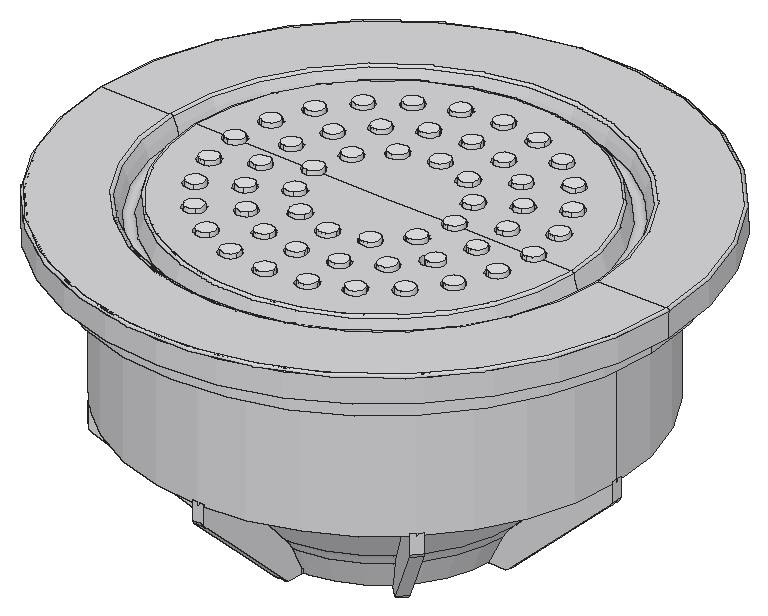
Revit family "Shower-Bodyspray-KOHLER-WaterTile-K-8014IN", category Plumbing Fixtures, host Face, Revit 2017
Family settings
  Host = Face
  Round Connector Dimension = Use Diameter
  Part Type = Normal
  OmniClass Number = 23.31.17.00
  OmniClass Title = Showers
  Cut with Voids When Loaded = No
  Shared = No
  Room Calculation Point = No
Parameters (values of type "CP-Polished Chrome")
  Width = 4 7/8"  # constant formula
  WaterSense Certified = 1 = 0  # no
  Waste Water Outlet = "Waste Water Outlet"  # constant formula
  Waste Connection = 1 = 0  # no
  Vent Connection = 1 = 0  # no
  URL = "https://www.kohler.co.in/"
  Type = 1
  Temperd Water Inlet = "Temperd Water Inlet"  # constant formula
  Product Page URL = "https://www.kohler.co.in/product-detail/8014in?skuid=K-8014IN-CP"
  Product Name = "Water Tile"  # constant formula
  Product Documentation Link = "http://resources.kohler.com/plumbing/kohlerindia/pdf/8014-8013.pdf"
  Pressure = 80.00 psi  # constant formula
  Panel Thickness = 1/4"  # constant formula
  Model = if(Type = 1, "K-8014IN-CP", if(Type = 2, "K-8014IN-AF", "NA"))  # "K-8014IN-CP"
  Material = "Premium Metal Construction"  # constant formula
  Master Format 2014 Name = "Residential Showers"  # constant formula
  Master Format 2014 = "22 42 23"  # constant formula
  Manufacturer Address = "Ambience Office Tower NH-8 Gurgaon / Gurugram Haryana , 122001"  # constant formula
  Manufacturer = "KOHLER Co."  # constant formula
  Length = 2 1/2"  # constant formula
  Hot Water Inlet = "Hot Water Inlet"  # constant formula
  Height = 4 7/8"  # constant formula
  HW Connection = 1 = 1  # yes
  Flow Rate = 2 GPM  # constant formula
  Finish = Kohler-Metal-CP-Polished_Chrome
  Environmental Product Declaration = ""
  Drain Included = 1 = 0  # no
  Description = "Round 54-nozzle bodyspray with soothing spray"  # constant formula
  Default Elevation = 42"
  Declare Label = ""
  Date Modified = "09/17/2020"  # constant formula
  Date Created = "09/17/2020"  # constant formula
  Copyright = "Copyright KOHLER Co."  # constant formula
  Contact Us = "https://www.kohler.co.in/contact-us"
  Cold Water Inlet = "Cold Water Inlet"  # constant formula
  CW Connection = 1 = 0  # no
  Assembly Code = "D2010700"
  ADA Compliant = 1 = 0  # no
Reference planes (in)
  plane 1 "Center (Front/Back)": y = 0
  plane 2: z = 0
  plane 3 "Center (Left/Right)": x = 0
  plane 4: z = 0.25
  plane 5: y = 2.45206
  plane 6: x = 2.45206
  plane 7: x = -2.42294
  plane 8: y = -2.42294
  plane 9: z = 0
  plane 10: y = 2.00343
  plane 11: y = -2.00343
  plane 12: x = -2.00343
  plane 13: x = 2.00343
  plane 14: z = -2.25
Forms (in)
  Extrusion 1, void
    sketch origin (0, 0, 0) x (1, 0, 0) y (0, 1, 0)
      loop
        circle (0, 0) r 2.30088
    from 0 to -2.25
Dimensions and locks (in)
  "Height": plane 8 to plane 5
  "Width": plane 7 to plane 6
  "Panel Thickness": plane 4 to plane 9
  plane 10 to plane 11 = 4.00686"
  "Length": plane 4 to plane 14
  aligned and locked: plane 2 to host face
  aligned and locked: level to host face
Automatic sketch dimensions
  host sketch curve to host sketch curve = 96"  (x2)
  plane 1 "Center (Front/Back)" to Extrusion 1 sketch curve = 0"
  Extrusion 1 sketch curve to plane 3 "Center (Left/Right)" = 0"
  radius of Extrusion 1 sketch curve = 2.30088"
Nested families (in)
  nested 1: "K-8014IN" at (0, 0, -2.25), type "K-8014IN"
Connectors (in)
  piping at (0, 0, -2.085), diameter 0.5, driven by "Flow Rate", driven by "Pressure", driven by "HW Connection", driven by "Temperd Water Inlet"
    settings: on nested 1, index 1, connector inside diameter 24", connector length 0", flow factor 0, pipe flow 2 GPM, pressure drop 80.00 psi, fitting loss kfactor 0, connector angle 0.00°, fixture units 0, engagement length 0", angle of deflection 0.00°, flow configuration 0, flow direction 1, fitting loss method 4, system type 19, joint type 0, gender type 0, connector reference index -1, connector utility 1, adjustable connector no, is connector primary yes, connector description "Temperd Water Inlet"
Definition of nested family "K-8014IN"
  Parameters (values of type "K-8014IN")
    Material = none
  Reference planes (in)
    plane 1 "Center (Front/Back)": y = 0
    plane 2: z = 0
    plane 3 "Center (Left/Right)": x = 0
    plane 4: z = 2.5
    plane 5: z = 2.25
    plane 6: y = 2.45206
    plane 7: x = -2.45206
    plane 8: x = 2.45206
    plane 9: y = -2.45206
    plane 10: y = 2.00343
    plane 11: y = -2.00343
  Forms (in)
    Revolve 1, solid, material <- "Material", detail levels medium+fine
      sketch origin (0, 0, 0) x (1, 0, 0) y (0, 0, 1)
        loop
          line (0, 0.165) -> (0.69136, 0.165) -> (0.66227, 0) -> (0.93754, 0) -> (1.05898, 0.23835)
          arc (1.05898, 0.23835) -> (1.09475, 0.29489) -> (1.14032, 0.34387) r 0.3612
          arc (1.14032, 0.34387) -> (1.40167, 0.62537) -> (1.60585, 0.95073) r 2.04792
          arc (1.60585, 0.95073) -> (1.62144, 0.96772) -> (1.64363, 0.974) r 0.04229
          line (1.64363, 0.974) -> (2.004, 0.974) -> (2.004, 2.075) -> (2.30088, 2.075) -> (2.30088, 2.25) -> (2.45206, 2.25) -> (2.45206, 2.44872)
          arc (2.45206, 2.44872) -> (2.44608, 2.46315) -> (2.43166, 2.46912) r 0.0204
          line (2.43166, 2.46912) -> (1.84753, 2.46912)
          arc (1.84753, 2.46912) -> (1.83141, 2.46446) -> (1.82027, 2.4519) r 0.03018
          arc (1.82027, 2.4519) -> (1.79187, 2.38301) -> (1.77087, 2.31151) r 0.70694
          arc (1.77087, 2.31151) -> (1.72751, 2.27513) -> (1.68021, 2.30623) r 0.0474
          arc (1.68021, 2.30623) -> (1.65612, 2.37809) -> (1.63572, 2.45108) r 1.48511
          arc (1.63572, 2.45108) -> (1.62724, 2.46408) -> (1.61256, 2.46912) r 0.02388
          line (1.61256, 2.46912) -> (0, 2.46912) -> (0, 0.165)
        axis (0, 2.46912) -> (0, 0)
      angle from 0 to 360
    Extrusion 2, solid, material <- "Material", detail levels medium+fine
      sketch origin (0, 0, 0) x (1, 0, 0) y (0, 1, 0)
        loop
          line (-0.94783, 0.0478) -> (-2.00343, 0.0478) -> (-2.00343, -0.0478) -> (-0.94783, -0.0478)
          arc (-0.94783, -0.0478) -> (-0.90003, 0) -> (-0.94783, 0.0478) r 0.0478
        loop
          line (-0.70402, -0.63642) -> (-1.45044, -1.38284) -> (-1.38284, -1.45044) -> (-0.63642, -0.70402)
          arc (-0.63642, -0.70402) -> (-0.63642, -0.63642) -> (-0.70402, -0.63642) r 0.0478
        loop
          line (-0.0478, -0.94783) -> (-0.0478, -2.00343) -> (0.0478, -2.00343) -> (0.0478, -0.94783)
          arc (0.0478, -0.94783) -> (0, -0.90003) -> (-0.0478, -0.94783) r 0.0478
        loop
          arc (-0.70402, 0.63642) -> (-0.63642, 0.63642) -> (-0.63642, 0.70402) r 0.0478
          line (-0.63642, 0.70402) -> (-1.38284, 1.45044) -> (-1.45044, 1.38284) -> (-0.70402, 0.63642)
        loop
          arc (-0.0478, 0.94783) -> (0, 0.90003) -> (0.0478, 0.94783) r 0.0478
          line (0.0478, 0.94783) -> (0.0478, 2.00343) -> (-0.0478, 2.00343) -> (-0.0478, 0.94783)
        loop
          arc (0.94783, 0.0478) -> (0.90003, 0) -> (0.94783, -0.0478) r 0.0478
          line (0.94783, -0.0478) -> (2.00343, -0.0478) -> (2.00343, 0.0478) -> (0.94783, 0.0478)
        loop
          arc (0.70402, -0.63642) -> (0.63642, -0.63642) -> (0.63642, -0.70402) r 0.0478
          line (0.63642, -0.70402) -> (1.38284, -1.45044) -> (1.45044, -1.38284) -> (0.70402, -0.63642)
        loop
          line (0.70402, 0.63642) -> (1.45044, 1.38284) -> (1.38284, 1.45044) -> (0.63642, 0.70402)
          arc (0.63642, 0.70402) -> (0.63642, 0.63642) -> (0.70402, 0.63642) r 0.0478
      from 0 to 0.99478
    Extrusion 3, void
      sketch origin (0, 0, 0) x (1, 0, 0) y (0, 1, 0)
        loop
          circle (0, 1.28624) r 0.08955
        loop
          circle (-0.3329, 1.24241) r 0.08955
        loop
          circle (-0.64312, 1.11392) r 0.08955
        loop
          circle (-0.90951, 0.90951) r 0.08955
        loop
          circle (-1.11392, 0.64312) r 0.08955
        loop
          circle (-1.24241, 0.3329) r 0.08955
        loop
          circle (-1.28624, 0) r 0.08955
        loop
          circle (0.3329, 1.24241) r 0.08955
        loop
          circle (0.64312, 1.11392) r 0.08955
        loop
          circle (0.90951, 0.90951) r 0.08955
        loop
          circle (1.11392, 0.64312) r 0.08955
        loop
          circle (1.24241, 0.3329) r 0.08955
        loop
          circle (0, -1.28624) r 0.08955
        loop
          circle (-0.3329, -1.24241) r 0.08955
        loop
          circle (-0.64312, -1.11392) r 0.08955
        loop
          circle (-0.90951, -0.90951) r 0.08955
        loop
          circle (-1.11392, -0.64312) r 0.08955
        loop
          circle (-1.24241, -0.3329) r 0.08955
        loop
          circle (0.3329, -1.24241) r 0.08955
        loop
          circle (0.64312, -1.11392) r 0.08955
        loop
          circle (0.90951, -0.90951) r 0.08955
        loop
          circle (1.11392, -0.64312) r 0.08955
        loop
          circle (1.24241, -0.3329) r 0.08955
        loop
          circle (1.28624, 0) r 0.08955
        loop
          circle (0, 0.94582) r 0.08806
        loop
          circle (0.32349, 0.88878) r 0.08806
        loop
          circle (0.60796, 0.72454) r 0.08806
        loop
          circle (0.93145, 0.16424) r 0.08806
        loop
          circle (0.93145, -0.16424) r 0.08806
        loop
          circle (0.32349, -0.88878) r 0.08806
        loop
          circle (0.60796, -0.72454) r 0.08806
        loop
          circle (0.79576, -0.47917) r 0.08806
        loop
          circle (-0.32349, 0.88878) r 0.08806
        loop
          circle (-0.60796, 0.72454) r 0.08806
        loop
          circle (-0.93145, 0.16424) r 0.08806
        loop
          circle (-0.93145, -0.16424) r 0.08806
        loop
          circle (-0.32349, -0.88878) r 0.08806
        loop
          circle (-0.60796, -0.72454) r 0.08806
        loop
          circle (0.81911, 0.47291) r 0.08806
        loop
          circle (-0.81911, 0.47291) r 0.08806
        loop
          circle (0, -0.60707) r 0.08912
        loop
          circle (0.30353, -0.52574) r 0.08912
        loop
          circle (0.52574, -0.30353) r 0.08912
        loop
          circle (0.60707, 0) r 0.08912
        loop
          circle (0.30353, 0.52574) r 0.08912
        loop
          circle (0.52574, 0.30353) r 0.08912
        loop
          circle (-0.30353, -0.52574) r 0.08912
        loop
          circle (-0.52574, -0.30353) r 0.08912
        loop
          circle (-0.60707, 0) r 0.08912
        loop
          circle (-0.30353, 0.52574) r 0.08912
        loop
          circle (-0.52574, 0.30353) r 0.08912
        loop
          circle (0, 0.60707) r 0.08912
        loop
          circle (0, -0.94582) r 0.08806
        loop
          circle (-0.81911, -0.47291) r 0.08806
      from 1.64809 to 2.5
    Revolve 4, void
      sketch origin (0, 0, 0) x (1, 0, 0) y (0, 0, 1)
        loop
          arc (1.13146, 0.02793) -> (1.0837, -0.00168) -> (1.02847, -0.01202) r 0.15273
          line (1.02847, -0.01202) -> (0.75991, -0.01202) -> (0.75991, -0.19203) -> (2.17326, -0.19203) -> (2.17326, 1.05797) -> (2.01658, 1.05797) -> (2.01658, 0.88569)
          arc (2.01658, 0.88569) -> (2.00703, 0.84038) -> (1.98001, 0.80278) r 0.11228
          line (1.98001, 0.80278) -> (1.13146, 0.02793)
        axis (0, 1.05797) -> (0, -0.19203)
      angle from 0 to 360
    Extrusion 5, solid, detail levels medium+fine
      sketch origin (0, 0, 0) x (1, 0, 0) y (0, 1, 0)
        loop
          circle (0, 1.28624) r 0.07432
        loop
          circle (0.3329, 1.24241) r 0.07432
        loop
          circle (0.64312, 1.11392) r 0.07432
        loop
          circle (0.90951, 0.90951) r 0.07432
        loop
          circle (1.11392, 0.64312) r 0.07432
        loop
          circle (1.24241, 0.3329) r 0.07432
        loop
          circle (1.28624, 0) r 0.07432
        loop
          circle (0.3329, -1.24241) r 0.07432
        loop
          circle (0.64312, -1.11392) r 0.07432
        loop
          circle (0.90951, -0.90951) r 0.07432
        loop
          circle (1.11392, -0.64312) r 0.07432
        loop
          circle (1.24241, -0.3329) r 0.07432
        loop
          circle (-0.3329, 1.24241) r 0.07432
        loop
          circle (-0.64312, 1.11392) r 0.07432
        loop
          circle (-0.90951, 0.90951) r 0.07432
        loop
          circle (-1.11392, 0.64312) r 0.07432
        loop
          circle (-1.24241, 0.3329) r 0.07432
        loop
          circle (-1.28624, 0) r 0.07432
        loop
          circle (-0.3329, -1.24241) r 0.07432
        loop
          circle (-0.64312, -1.11392) r 0.07432
        loop
          circle (-0.90951, -0.90951) r 0.07432
        loop
          circle (-1.11392, -0.64312) r 0.07432
        loop
          circle (-1.24241, -0.3329) r 0.07432
        loop
          circle (0, -1.28624) r 0.07432
        loop
          circle (0, 0.94582) r 0.07245
        loop
          circle (0.32349, 0.88878) r 0.07245
        loop
          circle (0.60796, 0.72454) r 0.07245
        loop
          circle (0.81911, 0.47291) r 0.07245
        loop
          circle (0.93145, 0.16424) r 0.07245
        loop
          circle (0, -0.94582) r 0.07245
        loop
          circle (0.32349, -0.88878) r 0.07245
        loop
          circle (0.60796, -0.72454) r 0.07245
        loop
          circle (0.81911, -0.47291) r 0.07245
        loop
          circle (0.93145, -0.16424) r 0.07245
        loop
          circle (-0.32349, 0.88878) r 0.07245
        loop
          circle (-0.60796, 0.72454) r 0.07245
        loop
          circle (-0.81911, 0.47291) r 0.07245
        loop
          circle (-0.32349, -0.88878) r 0.07245
        loop
          circle (-0.60796, -0.72454) r 0.07245
        loop
          circle (-0.81911, -0.47291) r 0.07245
        loop
          circle (-0.93145, 0.16424) r 0.07245
        loop
          circle (-0.93145, -0.16424) r 0.07245
        loop
          circle (0, 0.60707) r 0.07505
        loop
          circle (0.30353, 0.52574) r 0.07505
        loop
          circle (0.52574, 0.30353) r 0.07505
        loop
          circle (0.60707, 0) r 0.07505
        loop
          circle (-0.30353, 0.52574) r 0.07505
        loop
          circle (-0.52574, 0.30353) r 0.07505
        loop
          circle (-0.60707, 0) r 0.07505
        loop
          circle (0, -0.60707) r 0.07505
        loop
          circle (0.30353, -0.52574) r 0.07505
        loop
          circle (0.52574, -0.30353) r 0.07505
        loop
          circle (-0.30353, -0.52574) r 0.07505
        loop
          circle (-0.52574, -0.30353) r 0.07505
      from 1.98892 to 2.5
    Revolve 6, solid, material <- "Material", detail levels coarse
      sketch origin (0, 0, 0) x (1, 0, 0) y (0, 0, 1)
        loop
          line (2.00343, 0.82468) -> (2.00343, 2.08406) -> (2.30088, 2.09787) -> (2.30088, 2.25) -> (2.45206, 2.25) -> (2.45206, 2.5) -> (0, 2.5) -> (0, 0) -> (1.09985, 0) -> (2.00343, 0.82468)
        axis (0, 2.5) -> (0, 0)
      angle from 0 to 360
    Extrusion 7, solid, material <- "Material", detail levels medium+fine
      sketch origin (0, 0, 0) x (1, 0, 0) y (0, 1, 0)
        loop
          circle (0, 0) r 0.10067
      from 0.165 to 0.24125
  Cuts and joins
    Extrusion 3, Revolve 4 cuts Extrusion 2
    Extrusion 3 cuts Revolve 1
  Lines and regions (in)
    Masking region 1
      outline origin (0, 0, 0) x (1, 0, 0) y (0, 1, 0)
        loop
          circle (0, 0) r 2.45206
    Masking region 2
      outline origin (0, 0, 0) x (1, 0, 0) y (0, 0, 1)
        loop
          line (2.00343, 0.84322) -> (2.00343, 2.075) -> (2.30088, 2.075) -> (2.30088, 2.25) -> (2.45206, 2.25) -> (2.45206, 2.44896)
          arc (2.45206, 2.44896) -> (2.44615, 2.46322) -> (2.4319, 2.46912) r 0.02016
          line (2.4319, 2.46912) -> (1.36056, 2.46912) -> (1.36056, 2.5) -> (1.03959, 2.5) -> (1.03959, 2.46912) -> (1.0039, 2.46912) -> (1.0039, 2.5) -> (0.74665, 2.5) -> (0.74665, 2.46912) -> (0.7158, 2.46912) -> (0.7158, 2.5) -> (0.45068, 2.5) -> (0.45068, 2.46912) -> (0.40723, 2.46912) -> (0.40723, 2.5) -> (0.22848, 2.5) -> (0.22848, 2.46912) -> (0.07505, 2.46912) -> (0.07505, 2.5) -> (-0.07432, 2.5) -> (-0.07432, 2.46912) -> (-0.22848, 2.46912) -> (-0.22848, 2.5) -> (-0.40723, 2.5) -> (-0.40723, 2.46912) -> (-0.45068, 2.46912) -> (-0.45068, 2.5) -> (-0.7158, 2.5) -> (-0.7158, 2.46912) -> (-0.74665, 2.46912) -> (-0.74665, 2.5) -> (-1.0039, 2.5) -> (-1.0039, 2.46912) -> (-1.03959, 2.46912) -> (-1.03959, 2.5) -> (-1.36056, 2.5) -> (-1.36056, 2.46912) -> (-2.4319, 2.46912)
          arc (-2.4319, 2.46912) -> (-2.44615, 2.46322) -> (-2.45206, 2.44896) r 0.02016
          line (-2.45206, 2.44896) -> (-2.45206, 2.25) -> (-2.30088, 2.25) -> (-2.30088, 2.075) -> (-2.00343, 2.075) -> (-2.00343, 0.84322)
          arc (-2.00343, 0.84322) -> (-2.00037, 0.82743) -> (-1.99164, 0.81392) r 0.0423
          line (-1.99164, 0.81392) -> (-1.09985, 0) -> (1.0868, 0)
          arc (1.0868, 0) -> (1.10983, 0.01211) -> (1.13047, 0.02795) r 0.15288
          line (1.13047, 0.02795) -> (1.99164, 0.81392)
          arc (1.99164, 0.81392) -> (2.00037, 0.82743) -> (2.00343, 0.84322) r 0.0423
    Masking region 3
      outline origin (0, 0, 0) x (0, 1, 0) y (0, 0, 1)
        loop
          arc (-2.00343, 0.83406) -> (-1.99281, 0.81735) -> (-1.97942, 0.80277) r 0.11228
          line (-1.97942, 0.80277) -> (-1.13047, 0.02795)
          arc (-1.13047, 0.02795) -> (-1.10983, 0.01211) -> (-1.0868, 0) r 0.15288
          line (-1.0868, 0) -> (1.0868, 0)
          arc (1.0868, 0) -> (1.10983, 0.01211) -> (1.13047, 0.02795) r 0.15288
          line (1.13047, 0.02795) -> (1.97942, 0.80277)
          arc (1.97942, 0.80277) -> (1.99281, 0.81735) -> (2.00343, 0.83406) r 0.11228
          line (2.00343, 0.83406) -> (2.00343, 2.075) -> (2.30088, 2.075) -> (2.30088, 2.25) -> (2.4515, 2.25) -> (2.4515, 2.44947)
          arc (2.4515, 2.44947) -> (2.44575, 2.46337) -> (2.43185, 2.46912) r 0.01965
          line (2.43185, 2.46912) -> (1.36056, 2.46912) -> (1.36056, 2.5) -> (-1.36056, 2.5) -> (-1.36056, 2.46912) -> (-2.43185, 2.46912)
          arc (-2.43185, 2.46912) -> (-2.44575, 2.46337) -> (-2.4515, 2.44947) r 0.01965
          line (-2.4515, 2.44947) -> (-2.4515, 2.25) -> (-2.30088, 2.25) -> (-2.30088, 2.075) -> (-2.00343, 2.075) -> (-2.00343, 0.83406)
    symbolic lines, detail levels medium+fine
      curve 1: circle (0, 0, 0) r 2.30088 normal (0, 0, 1)
      curve 2: circle (0, 0, 0) r 2.004 normal (0, 0, 1)
      curve 3: arc (0.40469, 1.22318, 0) -> (0.35214, 1.3142, 0) -> (0.26111, 1.26165, 0) r 0.07432
      curve 4: arc (0.26111, 1.26165, 0) -> (0.31367, 1.17062, 0) -> (0.40469, 1.22318, 0) r 0.07432
      curve 5: arc (0.24641, 1.26559, 0) -> (0.30973, 1.15592, 0) -> (0.4194, 1.21924, 0) r 0.08955
      curve 6: arc (0.4194, 1.21924, 0) -> (0.35608, 1.32891, 0) -> (0.24641, 1.26559, 0) r 0.08955
      curve 7: arc (0.70749, 1.07675, 0) -> (0.68028, 1.17828, 0) -> (0.57875, 1.15108, 0) r 0.07432
      curve 8: arc (0.57875, 1.15108, 0) -> (0.60596, 1.04955, 0) -> (0.70749, 1.07675, 0) r 0.07432
      curve 9: arc (0.56557, 1.15869, 0) -> (0.59835, 1.03637, 0) -> (0.72067, 1.06914, 0) r 0.08955
      curve 10: arc (0.72067, 1.06914, 0) -> (0.68789, 1.19147, 0) -> (0.56557, 1.15869, 0) r 0.08955
      curve 11: arc (0.97283, 0.84619, 0) -> (0.97283, 0.97283, 0) -> (0.84619, 0.97283, 0) r 0.08955
      curve 12: arc (0.84619, 0.97283, 0) -> (0.84619, 0.84619, 0) -> (0.97283, 0.84619, 0) r 0.08955
      curve 13: arc (0.96206, 0.85695, 0) -> (0.96206, 0.96206, 0) -> (0.85695, 0.96206, 0) r 0.07432
      curve 14: arc (0.85695, 0.96206, 0) -> (0.85695, 0.85695, 0) -> (0.96206, 0.85695, 0) r 0.07432
      curve 15: arc (1.15108, 0.57875, 0) -> (1.17828, 0.68028, 0) -> (1.07675, 0.70749, 0) r 0.07432
      curve 16: arc (1.15869, 0.56557, 0) -> (1.19147, 0.68789, 0) -> (1.06914, 0.72067, 0) r 0.08955
      curve 17: arc (1.07675, 0.70749, 0) -> (1.04955, 0.60596, 0) -> (1.15108, 0.57875, 0) r 0.07432
      curve 18: arc (1.06914, 0.72067, 0) -> (1.03637, 0.59835, 0) -> (1.15869, 0.56557, 0) r 0.08955
      curve 19: arc (1.26559, 0.24641, 0) -> (1.32891, 0.35608, 0) -> (1.21924, 0.4194, 0) r 0.08955
      curve 20: arc (1.26165, 0.26111, 0) -> (1.3142, 0.35214, 0) -> (1.22318, 0.40469, 0) r 0.07432
      curve 21: arc (1.22318, 0.40469, 0) -> (1.17062, 0.31367, 0) -> (1.26165, 0.26111, 0) r 0.07432
      curve 22: arc (1.21924, 0.4194, 0) -> (1.15592, 0.30973, 0) -> (1.26559, 0.24641, 0) r 0.08955
      curve 23: arc (0.39157, 0.864, 0) -> (0.34827, 0.95686, 0) -> (0.25541, 0.91356, 0) r 0.07245
      curve 24: arc (0.25541, 0.91356, 0) -> (0.29871, 0.8207, 0) -> (0.39157, 0.864, 0) r 0.07245
      curve 25: arc (0.24075, 0.9189, 0) -> (0.29337, 0.80604, 0) -> (0.40623, 0.85866, 0) r 0.08806
      curve 26: arc (0.40623, 0.85866, 0) -> (0.35361, 0.97153, 0) -> (0.24075, 0.9189, 0) r 0.08806
      curve 27: arc (0.66346, 0.67797, 0) -> (0.65453, 0.78004, 0) -> (0.55246, 0.77111, 0) r 0.07245
      curve 28: arc (0.55246, 0.77111, 0) -> (0.56139, 0.66904, 0) -> (0.66346, 0.67797, 0) r 0.07245
      curve 29: arc (0.67542, 0.66794, 0) -> (0.66456, 0.792, 0) -> (0.54051, 0.78114, 0) r 0.08806
      curve 30: arc (0.54051, 0.78114, 0) -> (0.55136, 0.65709, 0) -> (0.67542, 0.66794, 0) r 0.08806
      curve 31: arc (0.23853, 0.56326, 0) -> (0.26601, 0.46074, 0) -> (0.36853, 0.48821, 0) r 0.07505
      curve 32: arc (0.22635, 0.5703, 0) -> (0.25897, 0.44855, 0) -> (0.38072, 0.48117, 0) r 0.08912
      curve 33: arc (0.36853, 0.48821, 0) -> (0.34106, 0.59074, 0) -> (0.23853, 0.56326, 0) r 0.07505
      curve 34: arc (0.38072, 0.48117, 0) -> (0.3481, 0.60292, 0) -> (0.22635, 0.5703, 0) r 0.08912
      curve 35: arc (0.77508, 0.54917, 0) -> (0.74285, 0.42888, 0) -> (0.86313, 0.39665, 0) r 0.08806
      curve 36: arc (0.86313, 0.39665, 0) -> (0.89536, 0.51694, 0) -> (0.77508, 0.54917, 0) r 0.08806
      curve 37: arc (0.78288, 0.53566, 0) -> (0.75636, 0.43668, 0) -> (0.85533, 0.41017, 0) r 0.07245
      curve 38: arc (0.85533, 0.41017, 0) -> (0.88185, 0.50914, 0) -> (0.78288, 0.53566, 0) r 0.07245
      curve 39: arc (0.48821, 0.36853, 0) -> (0.46074, 0.26601, 0) -> (0.56326, 0.23853, 0) r 0.07505
      curve 40: arc (0.56326, 0.23853, 0) -> (0.59074, 0.34106, 0) -> (0.48821, 0.36853, 0) r 0.07505
      curve 41: arc (0.5703, 0.22635, 0) -> (0.60292, 0.3481, 0) -> (0.48117, 0.38072, 0) r 0.08912
      curve 42: arc (0.48117, 0.38072, 0) -> (0.44855, 0.25897, 0) -> (0.5703, 0.22635, 0) r 0.08912
      curve 43: arc (0.94403, 0.09289, 0) -> (1.0028, 0.17682, 0) -> (0.91887, 0.23559, 0) r 0.07245
      curve 44: arc (0.91887, 0.23559, 0) -> (0.8601, 0.15166, 0) -> (0.94403, 0.09289, 0) r 0.07245
      curve 45: arc (0.91616, 0.25096, 0) -> (0.84474, 0.14895, 0) -> (0.94674, 0.07752, 0) r 0.08806
      curve 46: arc (0.94674, 0.07752, 0) -> (1.01817, 0.17953, 0) -> (0.91616, 0.25096, 0) r 0.08806
      curve 47: arc (-0.40469, 1.22318, 0) -> (-0.35214, 1.3142, 0) -> (-0.26111, 1.26165, 0) r 0.07432
      curve 48: arc (-0.26111, 1.26165, 0) -> (-0.31367, 1.17062, 0) -> (-0.40469, 1.22318, 0) r 0.07432
      curve 49: arc (-0.24641, 1.26559, 0) -> (-0.30973, 1.15592, 0) -> (-0.4194, 1.21924, 0) r 0.08955
      curve 50: arc (-0.4194, 1.21924, 0) -> (-0.35608, 1.32891, 0) -> (-0.24641, 1.26559, 0) r 0.08955
      curve 51: arc (-0.70749, 1.07675, 0) -> (-0.68028, 1.17828, 0) -> (-0.57875, 1.15108, 0) r 0.07432
      curve 52: arc (-0.57875, 1.15108, 0) -> (-0.60596, 1.04955, 0) -> (-0.70749, 1.07675, 0) r 0.07432
      curve 53: arc (-0.56557, 1.15869, 0) -> (-0.59835, 1.03637, 0) -> (-0.72067, 1.06914, 0) r 0.08955
      curve 54: arc (-0.72067, 1.06914, 0) -> (-0.68789, 1.19147, 0) -> (-0.56557, 1.15869, 0) r 0.08955
      curve 55: arc (-0.97283, 0.84619, 0) -> (-0.97283, 0.97283, 0) -> (-0.84619, 0.97283, 0) r 0.08955
      curve 56: arc (-0.84619, 0.97283, 0) -> (-0.84619, 0.84619, 0) -> (-0.97283, 0.84619, 0) r 0.08955
      curve 57: arc (-0.96206, 0.85695, 0) -> (-0.96206, 0.96206, 0) -> (-0.85695, 0.96206, 0) r 0.07432
      curve 58: arc (-0.85695, 0.96206, 0) -> (-0.85695, 0.85695, 0) -> (-0.96206, 0.85695, 0) r 0.07432
      curve 59: arc (-1.15108, 0.57875, 0) -> (-1.17828, 0.68028, 0) -> (-1.07675, 0.70749, 0) r 0.07432
      curve 60: arc (-1.15869, 0.56557, 0) -> (-1.19147, 0.68789, 0) -> (-1.06914, 0.72067, 0) r 0.08955
      curve 61: arc (-1.07675, 0.70749, 0) -> (-1.04955, 0.60596, 0) -> (-1.15108, 0.57875, 0) r 0.07432
      curve 62: arc (-1.06914, 0.72067, 0) -> (-1.03637, 0.59835, 0) -> (-1.15869, 0.56557, 0) r 0.08955
      curve 63: arc (-1.26559, 0.24641, 0) -> (-1.32891, 0.35608, 0) -> (-1.21924, 0.4194, 0) r 0.08955
      curve 64: arc (-1.26165, 0.26111, 0) -> (-1.3142, 0.35214, 0) -> (-1.22318, 0.40469, 0) r 0.07432
      curve 65: arc (-1.22318, 0.40469, 0) -> (-1.17062, 0.31367, 0) -> (-1.26165, 0.26111, 0) r 0.07432
      curve 66: arc (-1.21924, 0.4194, 0) -> (-1.15592, 0.30973, 0) -> (-1.26559, 0.24641, 0) r 0.08955
      curve 67: arc (-0.39157, 0.864, 0) -> (-0.34827, 0.95686, 0) -> (-0.25541, 0.91356, 0) r 0.07245
      curve 68: arc (-0.25541, 0.91356, 0) -> (-0.29871, 0.8207, 0) -> (-0.39157, 0.864, 0) r 0.07245
      curve 69: arc (-0.24075, 0.9189, 0) -> (-0.29337, 0.80604, 0) -> (-0.40623, 0.85866, 0) r 0.08806
      curve 70: arc (-0.40623, 0.85866, 0) -> (-0.35361, 0.97153, 0) -> (-0.24075, 0.9189, 0) r 0.08806
      curve 71: arc (-0.66346, 0.67797, 0) -> (-0.65453, 0.78004, 0) -> (-0.55246, 0.77111, 0) r 0.07245
      curve 72: arc (-0.55246, 0.77111, 0) -> (-0.56139, 0.66904, 0) -> (-0.66346, 0.67797, 0) r 0.07245
      curve 73: arc (-0.67542, 0.66794, 0) -> (-0.66456, 0.792, 0) -> (-0.54051, 0.78114, 0) r 0.08806
      curve 74: arc (-0.54051, 0.78114, 0) -> (-0.55136, 0.65709, 0) -> (-0.67542, 0.66794, 0) r 0.08806
      curve 75: arc (-0.23853, 0.56326, 0) -> (-0.26601, 0.46074, 0) -> (-0.36853, 0.48821, 0) r 0.07505
      curve 76: arc (-0.22635, 0.5703, 0) -> (-0.25897, 0.44855, 0) -> (-0.38072, 0.48117, 0) r 0.08912
      curve 77: arc (-0.36853, 0.48821, 0) -> (-0.34106, 0.59074, 0) -> (-0.23853, 0.56326, 0) r 0.07505
      curve 78: arc (-0.38072, 0.48117, 0) -> (-0.3481, 0.60292, 0) -> (-0.22635, 0.5703, 0) r 0.08912
      curve 79: arc (-0.77508, 0.54917, 0) -> (-0.74285, 0.42888, 0) -> (-0.86313, 0.39665, 0) r 0.08806
      curve 80: arc (-0.86313, 0.39665, 0) -> (-0.89536, 0.51694, 0) -> (-0.77508, 0.54917, 0) r 0.08806
      curve 81: arc (-0.78288, 0.53566, 0) -> (-0.75636, 0.43668, 0) -> (-0.85533, 0.41017, 0) r 0.07245
      curve 82: arc (-0.85533, 0.41017, 0) -> (-0.88185, 0.50914, 0) -> (-0.78288, 0.53566, 0) r 0.07245
      curve 83: arc (-0.48821, 0.36853, 0) -> (-0.46074, 0.26601, 0) -> (-0.56326, 0.23853, 0) r 0.07505
      curve 84: arc (-0.56326, 0.23853, 0) -> (-0.59074, 0.34106, 0) -> (-0.48821, 0.36853, 0) r 0.07505
      curve 85: arc (-0.5703, 0.22635, 0) -> (-0.60292, 0.3481, 0) -> (-0.48117, 0.38072, 0) r 0.08912
      curve 86: arc (-0.48117, 0.38072, 0) -> (-0.44855, 0.25897, 0) -> (-0.5703, 0.22635, 0) r 0.08912
      curve 87: arc (-0.94403, 0.09289, 0) -> (-1.0028, 0.17682, 0) -> (-0.91887, 0.23559, 0) r 0.07245
      curve 88: arc (-0.91887, 0.23559, 0) -> (-0.8601, 0.15166, 0) -> (-0.94403, 0.09289, 0) r 0.07245
      curve 89: arc (-0.91616, 0.25096, 0) -> (-0.84474, 0.14895, 0) -> (-0.94674, 0.07752, 0) r 0.08806
      curve 90: arc (-0.94674, 0.07752, 0) -> (-1.01817, 0.17953, 0) -> (-0.91616, 0.25096, 0) r 0.08806
      curve 91: arc (0.40469, -1.22318, 0) -> (0.35214, -1.3142, 0) -> (0.26111, -1.26165, 0) r 0.07432
      curve 92: arc (0.26111, -1.26165, 0) -> (0.31367, -1.17062, 0) -> (0.40469, -1.22318, 0) r 0.07432
      curve 93: arc (0.24641, -1.26559, 0) -> (0.30973, -1.15592, 0) -> (0.4194, -1.21924, 0) r 0.08955
      curve 94: arc (0.4194, -1.21924, 0) -> (0.35608, -1.32891, 0) -> (0.24641, -1.26559, 0) r 0.08955
      curve 95: arc (0.70749, -1.07675, 0) -> (0.68028, -1.17828, 0) -> (0.57875, -1.15108, 0) r 0.07432
      curve 96: arc (0.57875, -1.15108, 0) -> (0.60596, -1.04955, 0) -> (0.70749, -1.07675, 0) r 0.07432
      curve 97: arc (0.56557, -1.15869, 0) -> (0.59835, -1.03637, 0) -> (0.72067, -1.06914, 0) r 0.08955
      curve 98: arc (0.72067, -1.06914, 0) -> (0.68789, -1.19147, 0) -> (0.56557, -1.15869, 0) r 0.08955
      curve 99: arc (0.97283, -0.84619, 0) -> (0.97283, -0.97283, 0) -> (0.84619, -0.97283, 0) r 0.08955
      curve 100: arc (0.84619, -0.97283, 0) -> (0.84619, -0.84619, 0) -> (0.97283, -0.84619, 0) r 0.08955
      curve 101: arc (0.96206, -0.85695, 0) -> (0.96206, -0.96206, 0) -> (0.85695, -0.96206, 0) r 0.07432
      curve 102: arc (0.85695, -0.96206, 0) -> (0.85695, -0.85695, 0) -> (0.96206, -0.85695, 0) r 0.07432
      curve 103: arc (1.15108, -0.57875, 0) -> (1.17828, -0.68028, 0) -> (1.07675, -0.70749, 0) r 0.07432
      curve 104: arc (1.15869, -0.56557, 0) -> (1.19147, -0.68789, 0) -> (1.06914, -0.72067, 0) r 0.08955
      curve 105: arc (1.07675, -0.70749, 0) -> (1.04955, -0.60596, 0) -> (1.15108, -0.57875, 0) r 0.07432
      curve 106: arc (1.06914, -0.72067, 0) -> (1.03637, -0.59835, 0) -> (1.15869, -0.56557, 0) r 0.08955
      curve 107: arc (1.26559, -0.24641, 0) -> (1.32891, -0.35608, 0) -> (1.21924, -0.4194, 0) r 0.08955
      curve 108: arc (1.26165, -0.26111, 0) -> (1.3142, -0.35214, 0) -> (1.22318, -0.40469, 0) r 0.07432
      curve 109: arc (1.22318, -0.40469, 0) -> (1.17062, -0.31367, 0) -> (1.26165, -0.26111, 0) r 0.07432
      curve 110: arc (1.21924, -0.4194, 0) -> (1.15592, -0.30973, 0) -> (1.26559, -0.24641, 0) r 0.08955
      curve 111: arc (0.39157, -0.864, 0) -> (0.34827, -0.95686, 0) -> (0.25541, -0.91356, 0) r 0.07245
      curve 112: arc (0.25541, -0.91356, 0) -> (0.29871, -0.8207, 0) -> (0.39157, -0.864, 0) r 0.07245
      curve 113: arc (0.24075, -0.9189, 0) -> (0.29337, -0.80604, 0) -> (0.40623, -0.85866, 0) r 0.08806
      curve 114: arc (0.40623, -0.85866, 0) -> (0.35361, -0.97153, 0) -> (0.24075, -0.9189, 0) r 0.08806
      curve 115: arc (0.66346, -0.67797, 0) -> (0.65453, -0.78004, 0) -> (0.55246, -0.77111, 0) r 0.07245
      curve 116: arc (0.55246, -0.77111, 0) -> (0.56139, -0.66904, 0) -> (0.66346, -0.67797, 0) r 0.07245
      curve 117: arc (0.67542, -0.66794, 0) -> (0.66456, -0.792, 0) -> (0.54051, -0.78114, 0) r 0.08806
      curve 118: arc (0.54051, -0.78114, 0) -> (0.55136, -0.65709, 0) -> (0.67542, -0.66794, 0) r 0.08806
      curve 119: arc (0.23853, -0.56326, 0) -> (0.26601, -0.46074, 0) -> (0.36853, -0.48821, 0) r 0.07505
      curve 120: arc (0.22635, -0.5703, 0) -> (0.25897, -0.44855, 0) -> (0.38072, -0.48117, 0) r 0.08912
      curve 121: arc (0.36853, -0.48821, 0) -> (0.34106, -0.59074, 0) -> (0.23853, -0.56326, 0) r 0.07505
      curve 122: arc (0.38072, -0.48117, 0) -> (0.3481, -0.60292, 0) -> (0.22635, -0.5703, 0) r 0.08912
      curve 123: arc (0.77508, -0.54917, 0) -> (0.74285, -0.42888, 0) -> (0.86313, -0.39665, 0) r 0.08806
      curve 124: arc (0.86313, -0.39665, 0) -> (0.89536, -0.51694, 0) -> (0.77508, -0.54917, 0) r 0.08806
      curve 125: arc (0.78288, -0.53566, 0) -> (0.75636, -0.43668, 0) -> (0.85533, -0.41017, 0) r 0.07245
      curve 126: arc (0.85533, -0.41017, 0) -> (0.88185, -0.50914, 0) -> (0.78288, -0.53566, 0) r 0.07245
      curve 127: arc (0.48821, -0.36853, 0) -> (0.46074, -0.26601, 0) -> (0.56326, -0.23853, 0) r 0.07505
      curve 128: arc (0.56326, -0.23853, 0) -> (0.59074, -0.34106, 0) -> (0.48821, -0.36853, 0) r 0.07505
      curve 129: arc (0.5703, -0.22635, 0) -> (0.60292, -0.3481, 0) -> (0.48117, -0.38072, 0) r 0.08912
      curve 130: arc (0.48117, -0.38072, 0) -> (0.44855, -0.25897, 0) -> (0.5703, -0.22635, 0) r 0.08912
      curve 131: arc (0.94403, -0.09289, 0) -> (1.0028, -0.17682, 0) -> (0.91887, -0.23559, 0) r 0.07245
      curve 132: arc (0.91887, -0.23559, 0) -> (0.8601, -0.15166, 0) -> (0.94403, -0.09289, 0) r 0.07245
      curve 133: arc (0.91616, -0.25096, 0) -> (0.84474, -0.14895, 0) -> (0.94674, -0.07752, 0) r 0.08806
      curve 134: arc (0.94674, -0.07752, 0) -> (1.01817, -0.17953, 0) -> (0.91616, -0.25096, 0) r 0.08806
      curve 135: arc (-0.40469, -1.22318, 0) -> (-0.35214, -1.3142, 0) -> (-0.26111, -1.26165, 0) r 0.07432
      curve 136: arc (-0.26111, -1.26165, 0) -> (-0.31367, -1.17062, 0) -> (-0.40469, -1.22318, 0) r 0.07432
      curve 137: arc (-0.24641, -1.26559, 0) -> (-0.30973, -1.15592, 0) -> (-0.4194, -1.21924, 0) r 0.08955
      curve 138: arc (-0.4194, -1.21924, 0) -> (-0.35608, -1.32891, 0) -> (-0.24641, -1.26559, 0) r 0.08955
      curve 139: arc (-0.70749, -1.07675, 0) -> (-0.68028, -1.17828, 0) -> (-0.57875, -1.15108, 0) r 0.07432
      curve 140: arc (-0.57875, -1.15108, 0) -> (-0.60596, -1.04955, 0) -> (-0.70749, -1.07675, 0) r 0.07432
      curve 141: arc (-0.56557, -1.15869, 0) -> (-0.59835, -1.03637, 0) -> (-0.72067, -1.06914, 0) r 0.08955
      curve 142: arc (-0.72067, -1.06914, 0) -> (-0.68789, -1.19147, 0) -> (-0.56557, -1.15869, 0) r 0.08955
      curve 143: arc (-0.97283, -0.84619, 0) -> (-0.97283, -0.97283, 0) -> (-0.84619, -0.97283, 0) r 0.08955
      curve 144: arc (-0.84619, -0.97283, 0) -> (-0.84619, -0.84619, 0) -> (-0.97283, -0.84619, 0) r 0.08955
      curve 145: arc (-0.96206, -0.85695, 0) -> (-0.96206, -0.96206, 0) -> (-0.85695, -0.96206, 0) r 0.07432
      curve 146: arc (-0.85695, -0.96206, 0) -> (-0.85695, -0.85695, 0) -> (-0.96206, -0.85695, 0) r 0.07432
      curve 147: arc (-1.15108, -0.57875, 0) -> (-1.17828, -0.68028, 0) -> (-1.07675, -0.70749, 0) r 0.07432
      curve 148: arc (-1.15869, -0.56557, 0) -> (-1.19147, -0.68789, 0) -> (-1.06914, -0.72067, 0) r 0.08955
      curve 149: arc (-1.07675, -0.70749, 0) -> (-1.04955, -0.60596, 0) -> (-1.15108, -0.57875, 0) r 0.07432
      curve 150: arc (-1.06914, -0.72067, 0) -> (-1.03637, -0.59835, 0) -> (-1.15869, -0.56557, 0) r 0.08955
      curve 151: arc (-1.26559, -0.24641, 0) -> (-1.32891, -0.35608, 0) -> (-1.21924, -0.4194, 0) r 0.08955
      curve 152: arc (-1.26165, -0.26111, 0) -> (-1.3142, -0.35214, 0) -> (-1.22318, -0.40469, 0) r 0.07432
      curve 153: arc (-1.22318, -0.40469, 0) -> (-1.17062, -0.31367, 0) -> (-1.26165, -0.26111, 0) r 0.07432
      curve 154: arc (-1.21924, -0.4194, 0) -> (-1.15592, -0.30973, 0) -> (-1.26559, -0.24641, 0) r 0.08955
      curve 155: arc (-0.39157, -0.864, 0) -> (-0.34827, -0.95686, 0) -> (-0.25541, -0.91356, 0) r 0.07245
      curve 156: arc (-0.25541, -0.91356, 0) -> (-0.29871, -0.8207, 0) -> (-0.39157, -0.864, 0) r 0.07245
      curve 157: arc (-0.24075, -0.9189, 0) -> (-0.29337, -0.80604, 0) -> (-0.40623, -0.85866, 0) r 0.08806
      curve 158: arc (-0.40623, -0.85866, 0) -> (-0.35361, -0.97153, 0) -> (-0.24075, -0.9189, 0) r 0.08806
      curve 159: arc (-0.66346, -0.67797, 0) -> (-0.65453, -0.78004, 0) -> (-0.55246, -0.77111, 0) r 0.07245
      curve 160: arc (-0.55246, -0.77111, 0) -> (-0.56139, -0.66904, 0) -> (-0.66346, -0.67797, 0) r 0.07245
      curve 161: arc (-0.67542, -0.66794, 0) -> (-0.66456, -0.792, 0) -> (-0.54051, -0.78114, 0) r 0.08806
      curve 162: arc (-0.54051, -0.78114, 0) -> (-0.55136, -0.65709, 0) -> (-0.67542, -0.66794, 0) r 0.08806
      curve 163: arc (-0.23853, -0.56326, 0) -> (-0.26601, -0.46074, 0) -> (-0.36853, -0.48821, 0) r 0.07505
      curve 164: arc (-0.22635, -0.5703, 0) -> (-0.25897, -0.44855, 0) -> (-0.38072, -0.48117, 0) r 0.08912
      curve 165: arc (-0.36853, -0.48821, 0) -> (-0.34106, -0.59074, 0) -> (-0.23853, -0.56326, 0) r 0.07505
      curve 166: arc (-0.38072, -0.48117, 0) -> (-0.3481, -0.60292, 0) -> (-0.22635, -0.5703, 0) r 0.08912
      curve 167: arc (-0.48821, -0.36853, 0) -> (-0.46074, -0.26601, 0) -> (-0.56326, -0.23853, 0) r 0.07505
      curve 168: arc (-0.56326, -0.23853, 0) -> (-0.59074, -0.34106, 0) -> (-0.48821, -0.36853, 0) r 0.07505
      curve 169: arc (-0.5703, -0.22635, 0) -> (-0.60292, -0.3481, 0) -> (-0.48117, -0.38072, 0) r 0.08912
      curve 170: arc (-0.48117, -0.38072, 0) -> (-0.44855, -0.25897, 0) -> (-0.5703, -0.22635, 0) r 0.08912
      curve 171: arc (-0.94403, -0.09289, 0) -> (-1.0028, -0.17682, 0) -> (-0.91887, -0.23559, 0) r 0.07245
      curve 172: arc (-0.91887, -0.23559, 0) -> (-0.8601, -0.15166, 0) -> (-0.94403, -0.09289, 0) r 0.07245
      curve 173: arc (-0.91616, -0.25096, 0) -> (-0.84474, -0.14895, 0) -> (-0.94674, -0.07752, 0) r 0.08806
      curve 174: arc (-0.94674, -0.07752, 0) -> (-1.01817, -0.17953, 0) -> (-0.91616, -0.25096, 0) r 0.08806
      curve 175: arc (0.08955, 1.28624, 0) -> (0, 1.37579, 0) -> (-0.08955, 1.28624, 0) r 0.08955
      curve 176: arc (0.07432, 1.28624, 0) -> (0, 1.36056, 0) -> (-0.07432, 1.28624, 0) r 0.07432
      curve 177: arc (-0.07432, 1.28624, 0) -> (0, 1.21192, 0) -> (0.07432, 1.28624, 0) r 0.07432
      curve 178: arc (-0.08955, 1.28624, 0) -> (0, 1.19669, 0) -> (0.08955, 1.28624, 0) r 0.08955
      curve 179: arc (0.07245, 0.94582, 0) -> (0, 1.01827, 0) -> (-0.07245, 0.94582, 0) r 0.07245
      curve 180: arc (-0.07245, 0.94582, 0) -> (0, 0.87337, 0) -> (0.07245, 0.94582, 0) r 0.07245
      curve 181: arc (0.08806, 0.94582, 0) -> (0, 1.03388, 0) -> (-0.08806, 0.94582, 0) r 0.08806
      curve 182: arc (-0.08806, 0.94582, 0) -> (0, 0.85777, 0) -> (0.08806, 0.94582, 0) r 0.08806
      curve 183: arc (0.07505, 0.60707, 0) -> (0, 0.68212, 0) -> (-0.07505, 0.60707, 0) r 0.07505
      curve 184: arc (0.08912, 0.60707, 0) -> (0, 0.69619, 0) -> (-0.08912, 0.60707, 0) r 0.08912
      curve 185: arc (-0.07505, 0.60707, 0) -> (0, 0.53201, 0) -> (0.07505, 0.60707, 0) r 0.07505
      curve 186: arc (-0.08912, 0.60707, 0) -> (0, 0.51794, 0) -> (0.08912, 0.60707, 0) r 0.08912
      curve 187: arc (-0.07505, -0.60707, 0) -> (0, -0.68212, 0) -> (0.07505, -0.60707, 0) r 0.07505
      curve 188: arc (0.07505, -0.60707, 0) -> (0, -0.53201, 0) -> (-0.07505, -0.60707, 0) r 0.07505
      curve 189: arc (0.08912, -0.60707, 0) -> (0, -0.51794, 0) -> (-0.08912, -0.60707, 0) r 0.08912
      curve 190: arc (-0.08912, -0.60707, 0) -> (0, -0.69619, 0) -> (0.08912, -0.60707, 0) r 0.08912
      curve 191: arc (-0.07245, -0.94582, 0) -> (0, -1.01827, 0) -> (0.07245, -0.94582, 0) r 0.07245
      curve 192: arc (0.07245, -0.94582, 0) -> (0, -0.87337, 0) -> (-0.07245, -0.94582, 0) r 0.07245
      curve 193: arc (-0.07432, -1.28624, 0) -> (0, -1.36056, 0) -> (0.07432, -1.28624, 0) r 0.07432
      curve 194: arc (0.07432, -1.28624, 0) -> (0, -1.21192, 0) -> (-0.07432, -1.28624, 0) r 0.07432
      curve 195: arc (0.08955, -1.28624, 0) -> (0, -1.19669, 0) -> (-0.08955, -1.28624, 0) r 0.08955
      curve 196: arc (-0.08955, -1.28624, 0) -> (0, -1.37579, 0) -> (0.08955, -1.28624, 0) r 0.08955
      curve 197: arc (1.28624, -0.07432, 0) -> (1.36056, 0, 0) -> (1.28624, 0.07432, 0) r 0.07432
      curve 198: arc (1.28624, 0.07432, 0) -> (1.21192, 0, 0) -> (1.28624, -0.07432, 0) r 0.07432
      curve 199: arc (1.28624, 0.08955, 0) -> (1.19669, 0, 0) -> (1.28624, -0.08955, 0) r 0.08955
      curve 200: arc (1.28624, -0.08955, 0) -> (1.37579, 0, 0) -> (1.28624, 0.08955, 0) r 0.08955
      curve 201: arc (0.60707, 0.07505, 0) -> (0.53201, 0, 0) -> (0.60707, -0.07505, 0) r 0.07505
      curve 202: arc (0.60707, -0.07505, 0) -> (0.68212, 0, 0) -> (0.60707, 0.07505, 0) r 0.07505
      curve 203: arc (0.60707, 0.08912, 0) -> (0.51794, 0, 0) -> (0.60707, -0.08912, 0) r 0.08912
      curve 204: arc (0.60707, -0.08912, 0) -> (0.69619, 0, 0) -> (0.60707, 0.08912, 0) r 0.08912
      curve 205: arc (-0.60707, 0.07505, 0) -> (-0.68212, 0, 0) -> (-0.60707, -0.07505, 0) r 0.07505
      curve 206: arc (-0.60707, 0.08912, 0) -> (-0.69619, 0, 0) -> (-0.60707, -0.08912, 0) r 0.08912
      curve 207: arc (-0.60707, -0.08912, 0) -> (-0.51794, 0, 0) -> (-0.60707, 0.08912, 0) r 0.08912
      curve 208: arc (-0.60707, -0.07505, 0) -> (-0.53201, 0, 0) -> (-0.60707, 0.07505, 0) r 0.07505
      curve 209: arc (-1.28624, 0.08955, 0) -> (-1.37579, 0, 0) -> (-1.28624, -0.08955, 0) r 0.08955
      curve 210: arc (-1.28624, 0.07432, 0) -> (-1.36056, 0, 0) -> (-1.28624, -0.07432, 0) r 0.07432
      curve 211: arc (-1.28624, -0.07432, 0) -> (-1.21192, 0, 0) -> (-1.28624, 0.07432, 0) r 0.07432
      curve 212: arc (-1.28624, -0.08955, 0) -> (-1.19669, 0, 0) -> (-1.28624, 0.08955, 0) r 0.08955
      curve 213: arc (-0.78288, -0.53566, 0) -> (-0.75636, -0.43668, 0) -> (-0.85533, -0.41017, 0) r 0.07245
      curve 214: arc (-0.77508, -0.54917, 0) -> (-0.74285, -0.42888, 0) -> (-0.86313, -0.39665, 0) r 0.08806
      curve 215: arc (-0.85533, -0.41017, 0) -> (-0.88185, -0.50914, 0) -> (-0.78288, -0.53566, 0) r 0.07245
      curve 216: arc (-0.86313, -0.39665, 0) -> (-0.89536, -0.51694, 0) -> (-0.77508, -0.54917, 0) r 0.08806
      curve 217: arc (0.08806, -0.94582, 0) -> (0, -0.85777, 0) -> (-0.08806, -0.94582, 0) r 0.08806
      curve 218: arc (-0.08806, -0.94582, 0) -> (0, -1.03388, 0) -> (0.08806, -0.94582, 0) r 0.08806
      curve 219: line (-2.30088, 0, 2.25) -> (2.30088, 0, 2.25)
      curve 220: line (-2.00343, 0, 2.075) -> (2.00343, 0, 2.075)
      curve 221: line (-1.38284, 0, 0.83406) -> (-1.38284, 0, 0.99478)
      curve 222: line (-1.45044, 0, 0.99478) -> (-1.45044, 0, 0.83406)
      curve 223: spline (-1.45044, 0, 0.83406) -> (-1.44481, 0, 0.83372) -> (-1.43918, 0, 0.83345) -> (-1.43354, 0, 0.83324) -> (-1.42791, 0, 0.83309) -> (-1.42227, 0, 0.833) -> (-1.41664, 0, 0.83297) -> (-1.411, 0, 0.833) -> (-1.40537, 0, 0.83309) -> (-1.39973, 0, 0.83324) -> (-1.3941, 0, 0.83345) -> (-1.38847, 0, 0.83372) -> (-1.38284, 0, 0.83406)
      curve 224: line (2.00343, 0, 0.99478) -> (1.45044, 0, 0.99478)
      curve 225: line (-0.76556, 0, 0.02795) -> (-1.36586, 0, 0.80277)
      curve 226: line (-1.43346, 0, 0.80277) -> (-0.83316, 0, 0.02795)
      curve 227: spline (-1.43346, 0, 0.80277) -> (-1.43517, 0, 0.80503) -> (-1.43682, 0, 0.80736) -> (-1.43842, 0, 0.80976) -> (-1.43998, 0, 0.81223) -> (-1.44148, 0, 0.81476) -> (-1.44293, 0, 0.81735) -> (-1.44433, 0, 0.82) -> (-1.44566, 0, 0.82271) -> (-1.44695, 0, 0.82547) -> (-1.44817, 0, 0.82828) -> (-1.44933, 0, 0.83115) -> (-1.45044, 0, 0.83406)
      curve 228: spline (-1.38284, 0, 0.83406) -> (-1.38173, 0, 0.83115) -> (-1.38057, 0, 0.82828) -> (-1.37934, 0, 0.82547) -> (-1.37806, 0, 0.82271) -> (-1.37672, 0, 0.82) -> (-1.37533, 0, 0.81735) -> (-1.37388, 0, 0.81476) -> (-1.37238, 0, 0.81223) -> (-1.37082, 0, 0.80976) -> (-1.36922, 0, 0.80736) -> (-1.36756, 0, 0.80503) -> (-1.36586, 0, 0.80277)
      curve 229: spline (-0.80229, 0, 0) -> (-0.8051, 0, 0.00174) -> (-0.80787, 0, 0.0036) -> (-0.81061, 0, 0.00556) -> (-0.81331, 0, 0.00764) -> (-0.81596, 0, 0.00982) -> (-0.81857, 0, 0.01211) -> (-0.82113, 0, 0.0145) -> (-0.82364, 0, 0.017) -> (-0.82611, 0, 0.01959) -> (-0.82851, 0, 0.02228) -> (-0.83087, 0, 0.02507) -> (-0.83316, 0, 0.02795)
      curve 230: spline (-0.76556, 0, 0.02795) -> (-0.76327, 0, 0.02507) -> (-0.76091, 0, 0.02228) -> (-0.7585, 0, 0.01959) -> (-0.75604, 0, 0.017) -> (-0.75353, 0, 0.0145) -> (-0.75097, 0, 0.01211) -> (-0.74836, 0, 0.00982) -> (-0.74571, 0, 0.00764) -> (-0.74301, 0, 0.00556) -> (-0.74027, 0, 0.0036) -> (-0.7375, 0, 0.00174) -> (-0.73469, 0, 0)
      curve 231: line (-0.0478, 0, 0.99478) -> (-0.0478, 0, 0)
      curve 232: line (0.0478, 0, 0) -> (0.0478, 0, 0.99478)
      curve 233: arc (-0.0478, 0, 0.83406) -> (0, 0, 0.83297) -> (0.0478, 0, 0.83406) r 1.05208
      curve 234: line (1.36586, 0, 0.80277) -> (0.76556, 0, 0.02795)
      curve 235: line (0.83316, 0, 0.02795) -> (1.43346, 0, 0.80277)
      curve 236: line (1.45044, 0, 0.99478) -> (1.45044, 0, 0.83406)
      curve 237: line (1.38284, 0, 0.83406) -> (1.38284, 0, 0.99478)
      curve 238: spline (1.38284, 0, 0.83406) -> (1.38847, 0, 0.83372) -> (1.3941, 0, 0.83345) -> (1.39973, 0, 0.83324) -> (1.40537, 0, 0.83309) -> (1.411, 0, 0.833) -> (1.41664, 0, 0.83297) -> (1.42227, 0, 0.833) -> (1.42791, 0, 0.83309) -> (1.43354, 0, 0.83324) -> (1.43918, 0, 0.83345) -> (1.44481, 0, 0.83372) -> (1.45044, 0, 0.83406)
      curve 239: spline (1.36586, 0, 0.80277) -> (1.36756, 0, 0.80503) -> (1.36922, 0, 0.80736) -> (1.37082, 0, 0.80976) -> (1.37238, 0, 0.81223) -> (1.37388, 0, 0.81476) -> (1.37533, 0, 0.81735) -> (1.37672, 0, 0.82) -> (1.37806, 0, 0.82271) -> (1.37934, 0, 0.82547) -> (1.38057, 0, 0.82828) -> (1.38173, 0, 0.83115) -> (1.38284, 0, 0.83406)
      curve 240: spline (1.45044, 0, 0.83406) -> (1.44933, 0, 0.83115) -> (1.44817, 0, 0.82828) -> (1.44695, 0, 0.82547) -> (1.44566, 0, 0.82271) -> (1.44433, 0, 0.82) -> (1.44293, 0, 0.81735) -> (1.44148, 0, 0.81476) -> (1.43998, 0, 0.81223) -> (1.43842, 0, 0.80976) -> (1.43682, 0, 0.80736) -> (1.43517, 0, 0.80503) -> (1.43346, 0, 0.80277)
      curve 241: spline (0.73469, 0, 0) -> (0.7375, 0, 0.00174) -> (0.74027, 0, 0.0036) -> (0.74301, 0, 0.00556) -> (0.74571, 0, 0.00764) -> (0.74836, 0, 0.00982) -> (0.75097, 0, 0.01211) -> (0.75353, 0, 0.0145) -> (0.75604, 0, 0.017) -> (0.7585, 0, 0.01959) -> (0.76091, 0, 0.02228) -> (0.76327, 0, 0.02507) -> (0.76556, 0, 0.02795)
      curve 242: spline (0.83316, 0, 0.02795) -> (0.83087, 0, 0.02507) -> (0.82851, 0, 0.02228) -> (0.82611, 0, 0.01959) -> (0.82364, 0, 0.017) -> (0.82113, 0, 0.0145) -> (0.81857, 0, 0.01211) -> (0.81596, 0, 0.00982) -> (0.81331, 0, 0.00764) -> (0.81061, 0, 0.00556) -> (0.80787, 0, 0.0036) -> (0.8051, 0, 0.00174) -> (0.80229, 0, 0)
      curve 243: line (-1.45044, 0, 0.99478) -> (-2.00343, 0, 0.99478)
      curve 244: line (1.38284, 0, 0.99478) -> (0.0478, 0, 0.99478)
      curve 245: arc (-1.59394, 0, 0.93295) -> (-1.38487, 0, 0.61001) -> (-1.12828, 0, 0.32338) r 2.4746
      curve 246: line (-0.94783, 0, 0) -> (-1.0637, 0, 0.23531)
      curve 247: arc (-1.12828, 0, 0.32338) -> (-1.09212, 0, 0.28218) -> (-1.0637, 0, 0.23531) r 0.31325
      curve 248: arc (-1.65922, 0, 0.99478) -> (-1.62166, 0, 0.96906) -> (-1.59394, 0, 0.93295) r 0.14472
      curve 249: arc (-1.09866, 0, 0.95077) -> (-0.95909, 0, 0.63578) -> (-0.7713, 0, 0.34693) r 2.16437
      curve 250: line (-0.62242, 0, 0) -> (-0.73045, 0, 0.2748)
      curve 251: arc (-0.7713, 0, 0.34693) -> (-0.74833, 0, 0.31231) -> (-0.73045, 0, 0.2748) r 0.29541
      curve 252: arc (-1.14195, 0, 0.99478) -> (-1.11539, 0, 0.97761) -> (-1.09866, 0, 0.95077) r 0.0725
      curve 253: line (-1.11726, 0, 0.31231) -> (-1.05347, 0, 0.31231)
      curve 254: line (1.05347, 0, 0.31231) -> (1.11726, 0, 0.31231)
      curve 255: line (0.0478, 0, 0.31231) -> (0.74833, 0, 0.31231)
      curve 256: line (-0.74833, 0, 0.31231) -> (-0.0478, 0, 0.31231)
      curve 257: arc (1.59394, 0, 0.93295) -> (1.38487, 0, 0.61001) -> (1.12828, 0, 0.32338) r 2.4746
      curve 258: line (0.94783, 0, 0) -> (1.0637, 0, 0.23531)
      curve 259: arc (1.12828, 0, 0.32338) -> (1.09212, 0, 0.28218) -> (1.0637, 0, 0.23531) r 0.31325
      curve 260: arc (1.65922, 0, 0.99478) -> (1.62166, 0, 0.96906) -> (1.59394, 0, 0.93295) r 0.14472
      curve 261: line (-0.0478, 0, 0.99478) -> (-1.38284, 0, 0.99478)
      curve 262: arc (1.09866, 0, 0.95077) -> (0.95909, 0, 0.63578) -> (0.7713, 0, 0.34693) r 2.16437
      curve 263: line (0.62242, 0, 0) -> (0.73045, 0, 0.2748)
      curve 264: arc (0.7713, 0, 0.34693) -> (0.74833, 0, 0.31231) -> (0.73045, 0, 0.2748) r 0.29541
      curve 265: arc (1.14195, 0, 0.99478) -> (1.11539, 0, 0.97761) -> (1.09866, 0, 0.95077) r 0.0725
      curve 266: line (-1.31674, 0, 2.5) -> (-1.31674, 0, 2.46912)
      curve 267: line (-1.18824, 0, 2.5) -> (-1.18824, 0, 2.46912)
      curve 268: line (-0.98383, 0, 2.5) -> (-0.98383, 0, 2.46912)
      curve 269: line (-0.83519, 0, 2.5) -> (-0.83519, 0, 2.46912)
      curve 270: line (-0.5688, 0, 2.5) -> (-0.5688, 0, 2.46912)
      curve 271: line (-0.53551, 0, 2.5) -> (-0.53551, 0, 2.46912)
      curve 272: line (-0.25858, 0, 2.5) -> (-0.25858, 0, 2.46912)
      curve 273: line (-0.25104, 0, 2.5) -> (-0.25104, 0, 2.46912)
      curve 274: line (0.25104, 0, 2.5) -> (0.25104, 0, 2.46912)
      curve 275: line (0.25858, 0, 2.5) -> (0.25858, 0, 2.46912)
      curve 276: line (0.53551, 0, 2.5) -> (0.53551, 0, 2.46912)
      curve 277: line (0.5688, 0, 2.5) -> (0.5688, 0, 2.46912)
      curve 278: line (0.83519, 0, 2.5) -> (0.83519, 0, 2.46912)
      curve 279: line (0.98383, 0, 2.5) -> (0.98383, 0, 2.46912)
      curve 280: line (1.18824, 0, 2.5) -> (1.18824, 0, 2.46912)
      curve 281: line (1.31674, 0, 2.5) -> (1.31674, 0, 2.46912)
      curve 282: line (-1.36056, 0, 2.46912) -> (-1.03959, 0, 2.46912)
      curve 283: line (-1.0039, 0, 2.46912) -> (-0.74665, 0, 2.46912)
      curve 284: line (-0.7158, 0, 2.46912) -> (-0.22848, 0, 2.46912)
      curve 285: line (-0.07432, 0, 2.46912) -> (0.07505, 0, 2.46912)
      curve 286: line (0.22848, 0, 2.46912) -> (0.41155, 0, 2.46912)
      curve 287: line (0.45068, 0, 2.46912) -> (0.7158, 0, 2.46912)
      curve 288: line (0.74665, 0, 2.46912) -> (1.0039, 0, 2.46912)
      curve 289: line (1.03959, 0, 2.46912) -> (1.36056, 0, 2.46912)
      curve 290: line (0, 2.30088, 2.25) -> (0, -2.30088, 2.25)
      curve 291: line (0, 2.00343, 2.075) -> (0, -2.004, 2.075)
      curve 292: line (0, 2.00343, 0.99478) -> (0, 1.45044, 0.99478)
      curve 293: line (0, 1.38284, 0.99478) -> (0, 1.38284, 0.83406)
      curve 294: line (0, 1.45044, 0.83406) -> (0, 1.45044, 0.99478)
      curve 295: spline (0, 1.45044, 0.83406) -> (0, 1.44481, 0.83372) -> (0, 1.43918, 0.83345) -> (0, 1.43354, 0.83324) -> (0, 1.42791, 0.83309) -> (0, 1.42227, 0.833) -> (0, 1.41664, 0.83297) -> (0, 1.411, 0.833) -> (0, 1.40537, 0.83309) -> (0, 1.39973, 0.83324) -> (0, 1.3941, 0.83345) -> (0, 1.38847, 0.83372) -> (0, 1.38284, 0.83406)
      curve 296: line (0, 1.43346, 0.80277) -> (0, 0.83316, 0.02795)
      curve 297: spline (0, 1.43346, 0.80277) -> (0, 1.43517, 0.80503) -> (0, 1.43682, 0.80736) -> (0, 1.43842, 0.80976) -> (0, 1.43998, 0.81223) -> (0, 1.44148, 0.81476) -> (0, 1.44293, 0.81735) -> (0, 1.44433, 0.82) -> (0, 1.44566, 0.82271) -> (0, 1.44695, 0.82547) -> (0, 1.44817, 0.82828) -> (0, 1.44933, 0.83115) -> (0, 1.45044, 0.83406)
      curve 298: spline (0, 1.38284, 0.83406) -> (0, 1.38173, 0.83115) -> (0, 1.38057, 0.82828) -> (0, 1.37934, 0.82547) -> (0, 1.37806, 0.82271) -> (0, 1.37672, 0.82) -> (0, 1.37533, 0.81735) -> (0, 1.37388, 0.81476) -> (0, 1.37238, 0.81223) -> (0, 1.37082, 0.80976) -> (0, 1.36922, 0.80736) -> (0, 1.36756, 0.80503) -> (0, 1.36586, 0.80277)
      curve 299: line (0, 0.76556, 0.02795) -> (0, 1.36586, 0.80277)
      curve 300: spline (0, 0.80229, 0) -> (0, 0.8051, 0.00174) -> (0, 0.80787, 0.0036) -> (0, 0.81061, 0.00556) -> (0, 0.81331, 0.00764) -> (0, 0.81596, 0.00982) -> (0, 0.81857, 0.01211) -> (0, 0.82113, 0.0145) -> (0, 0.82364, 0.017) -> (0, 0.82611, 0.01959) -> (0, 0.82851, 0.02228) -> (0, 0.83087, 0.02507) -> (0, 0.83316, 0.02795)
      curve 301: spline (0, 0.76556, 0.02795) -> (0, 0.76327, 0.02507) -> (0, 0.76091, 0.02228) -> (0, 0.7585, 0.01959) -> (0, 0.75604, 0.017) -> (0, 0.75353, 0.0145) -> (0, 0.75097, 0.01211) -> (0, 0.74836, 0.00982) -> (0, 0.74571, 0.00764) -> (0, 0.74301, 0.00556) -> (0, 0.74027, 0.0036) -> (0, 0.7375, 0.00174) -> (0, 0.73469, 0)
      curve 302: line (0, 0.0478, 0) -> (0, 0.0478, 0.99478)
      curve 303: line (0, -0.0478, 0.99478) -> (0, -0.0478, 0)
      curve 304: arc (0, 0.0478, 0.83406) -> (0, 0, 0.83297) -> (0, -0.0478, 0.83408) r 1.0423
      curve 305: line (0, -1.36586, 0.80277) -> (0, -0.76556, 0.02795)
      curve 306: line (0, -0.83316, 0.02795) -> (0, -1.43346, 0.80277)
      curve 307: line (0, -1.38284, 0.99478) -> (0, -1.38284, 0.83406)
      curve 308: line (0, -1.45044, 0.83406) -> (0, -1.45044, 0.99478)
      curve 309: spline (0, -1.38284, 0.83406) -> (0, -1.38847, 0.83372) -> (0, -1.3941, 0.83345) -> (0, -1.39973, 0.83324) -> (0, -1.40537, 0.83309) -> (0, -1.411, 0.833) -> (0, -1.41664, 0.83297) -> (0, -1.42227, 0.833) -> (0, -1.42791, 0.83309) -> (0, -1.43354, 0.83324) -> (0, -1.43918, 0.83345) -> (0, -1.44481, 0.83372) -> (0, -1.45044, 0.83406)
